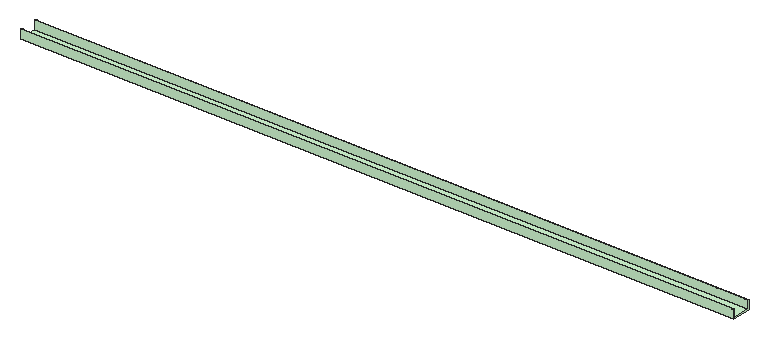
Revit family "高耐力ランナー105×50×2.3", category 機械設備, Revit 2020
Family settings
  丸型コネクタ寸法 = 直径を使用
  パーツ タイプ = 標準
  OmniClass 番号 = 23.75.00.00
  OmniClass タイトル = Climate Control (HVAC)
  作業面ベース = いいえ
  常に垂直 = はい
  ロード時にボイドで切り取り = いいえ
  共有 = いいえ
  部屋計算ポイント = いいえ
Parameters
  製造元 = "株式会社桐井製作所"
  既定の高さ = 0 mm
  URL = "https://www.kirii.co.jp/"
  K_長さ(mm) [instance] = 4000 mm
  K_外形寸法(mm) = "[-105×50×2.3"
  K_品名 = "高耐力ランナー"
  K_名称 = "ランナー"
  K_バージョン情報 = "20210714"
Reference planes
  plane 1 "中心(正面/背面)": y = 0
  plane 2: z = 0
  plane 3 "中心(左/右)": x = 0
  plane 4: x = 4000
  plane 5: z = 50
Forms (mm)
  Extrusion 1, solid
    sketch origin (0, -32.295, -46.342) x (0, 1, 0) y (0, 0, 1)
      loop
        line (82.295, 96.342) -> (79.995, 96.342) -> (79.995, 48.642) -> (-20.405, 48.642) -> (-20.405, 96.342) -> (-22.705, 96.342) -> (-22.705, 46.342) -> (82.295, 46.342) -> (82.295, 96.342)
    from 0 to 4000
Dimensions and locks
  "K_長さ(mm)": plane 4 to plane 3 "中心(左/右)"
  aligned and locked: level to plane 2
  aligned and locked: plane 4 to Extrusion 1
Automatic sketch dimensions
  Extrusion 1 sketch curve to level = 0 mm
  plane 1 "中心(正面/背面)" to Extrusion 1 sketch curve = 55 mm
  Extrusion 1 sketch curve to Extrusion 1 sketch curve = 2.3 mm  (x2)
  level to Extrusion 1 sketch curve = 2.3 mm
  Extrusion 1 sketch curve to plane 1 "中心(正面/背面)" = 47.7 mm
  Extrusion 1 sketch curve to Extrusion 1 sketch curve = 47.7 mm  (x2)
